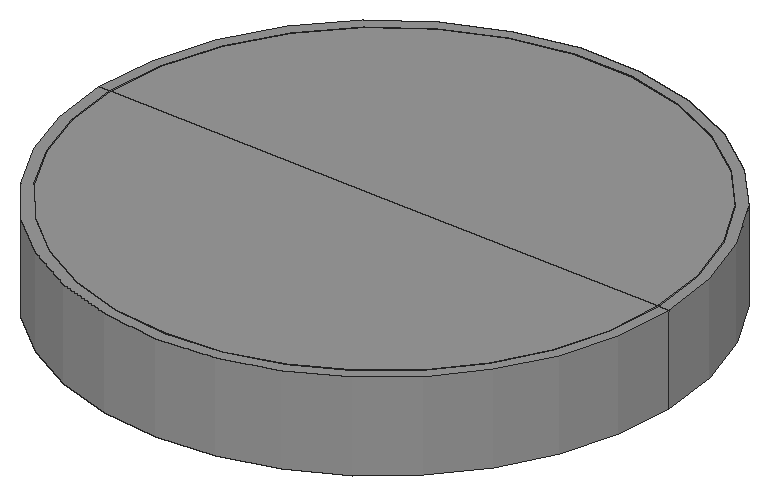
Revit family "4061103", category Lighting Fixtures, host Face, Revit 2016
Family settings
  Host = Face
  Part Type = Normal
  Round Connector Dimension = Use Diameter
  OmniClass Number = 23.80.70.00
  OmniClass Title = Lighting
  Cut with Voids When Loaded = No
  Light Source = Yes
  Shared = No
  Room Calculation Point = No
Parameters (values of type "4061103 COLOSSAL 3550LM 840 EM3 WHT")
  Weight = "kg"
  Wattage Comments = ""
  Wattage = 30 W
  WarrantyStartDate [instance] = "n/a"
  WarrantyGuarantorParts = "n/a"
  WarrantyDurationUnit = "n/a"
  WarrantyDurationParts = "n/a"
  WarrantyDescription = "n/a"
  built-in parameter 1150110 = 1 (stored number, unit not read)
  Voltage = 230 V
  URL = "http://www.sylvania-lighting.com"
  TypeName = "Colossal 3550lm 840 EM3 WHT"
  Type Image = <None>
  Type Comments = "n/a"
  built-in parameter 1114217 = 1 (stored number, unit not read)
  Tilt Angle = -90.00°
  built-in parameter 1150109 = 1 (stored number, unit not read)
  built-in parameter 1150134 = 12
  built-in parameter 1150113 = 1 (stored number, unit not read)
  SerialNumber [instance] = "n/a"
  Photometric Web File = "4061103.ies"
  Material_3_SYL = LED-Sylvania
  PowerFactor = 0
  PowerConsumption = "30 W"
  NominalLength = 400 mm
  NominalHeight = 87 mm
  NominalDepth = 400 mm
  Name = "Colossal 3550lm 840 EM3 WHT"
  ModelReference = Name  # "Colossal 3550lm 840 EM3 WHT"
  ModelNumber = "4061103"
  Model = Name  # "Colossal 3550lm 840 EM3 WHT"
  Material = "n/a"
  ManufacturerName = "Feilo Sylvania"
  Manufacturer = "Feilo Sylvania"
  LuminousEfficacy = "n/a"
  built-in parameter 1150105 = 283.66 (stored number, unit not read)
  Lumens = 3564.63 lm
  LuminaireType = ""
  built-in parameter 1150115 = 1 (stored number, unit not read)
  LightOutputRatio = "n/a"
  built-in parameter 1150137 = (empty or 0)
  built-in parameter 1150139 = (empty or 0)
  LampsType = Lamp  # "LED"
  LampNominalLuminous = "3564 lm"
  LampMacAdamStep = "n/a"
  LampColourTemperature = "4000 K"
  LampColourRenderingIndex = "n/a"
  built-in parameter 1150112 = 1 (stored number, unit not read)
  built-in parameter 1150114 = 1 (stored number, unit not read)
  Lamp = "LED"
  Keynote = "16500"
  InstallationDate [instance] = "n/a"
  InputVoltage = "230-240 V~"
  InputNominalFrequency = "50/60 Hz"
  built-in parameter 1150132 = (empty or 0)
  built-in parameter 1150102 = (empty or 0)
  built-in parameter 1150107 = 4000 (stored number, unit not read)
  built-in parameter 1150138 = (empty or 0)
  IngressProtection = "IP40"
  ImpactProtectionIndex = "IK02"
  built-in parameter 1150106 = 2.8366 (stored number, unit not read)
  IfcExportType = "IfcLightFixtureType"
  IfcExportAs = "IfcLightFixtureType"
  Emit from Circle Diameter = 385 mm
  Emit Shape Visible in Rendering = no
  ElectricShockClassification = "Class I"
  built-in parameter 1150104 = 11.039 (stored number, unit not read)
  DocumentationLiterature = "http://www.sylvania-lighting.com/product/en-int/products/4061103"
  DimmingControlOptions = "Dimmable"
  Material_2_SYL = Polycarbonate_Sylvania_White
  Dimming Lamp Color Temperature Shift = <None>
  Description = "Large 400 mm diameter circular architectural luminaire, can be surface mounted or suspended, aluminium housing with polycarbonate opal diffuser, 3550 lm, 30W, 118 lm/W, 4000K, CRI 80, 50,000 hours, IP40, IK03, Class 1, 220-240V, Energy class A++, Emergency 3 hours"
  Default Elevation = 1219.2 mm
  CreatedOn = "3/7/2019"
  CreatedBy = "@sylvania-lighting.com"
  Cost = 0
  Color Filter = 16777215
  built-in parameter 1114216 [instance] = (empty or 0)
  ClassificationValue = "EF_70_80"
  ClassificationName = "Uniclass2015"
  Material_1_SYL = Polycarbonate_Sylvania_Opal
  BarCode [instance] = "n/a"
  built-in parameter 1114218 = 1 (stored number, unit not read)
  built-in parameter 1150133 = 10 (stored number, unit not read)
  AssetType = "Fixed"
  AssetIdentifier [instance] = "n/a"
  Assembly Code = "D5020200"
  Apparent Load = 30 VA
  Material_4_SYL = none
Reference planes
  plane 1 "Center (Front/Back)": y = 0
  plane 2: z = 0
  plane 3 "Center (Left/Right)": x = 0
  plane 4: x = -200
  plane 5: x = -120
  plane 6: z = 87
  plane 7: z = 25
  plane 8: x = -192.5
  plane 9: z = 40
Forms (mm)
  Revolve 1, solid, material "Polycarbonate_Sylvania_White" <- "Material_2_SYL"
    sketch origin (0, 0, 0) x (1, 0, 0) y (0, 0, 1)
      loop
        line (0, 0) -> (0, 40) -> (-192.5, 40) -> (-192.5, 87) -> (-200, 87) -> (-200, 25) -> (-120, 25) -> (-120, 0) -> (0, 0)
      axis (0, 87) -> (0, 0)
    angle from 360 to 0
  Revolve 2, solid, material "Polycarbonate_Sylvania_Opal" <- "Material_1_SYL"
    sketch origin (0, 0, 0) x (1, 0, 0) y (0, 0, 1)
      loop
        line (0, 87) -> (-192.5, 87) -> (-192.5, 40) -> (0, 40) -> (0, 87)
      axis (0, 87) -> (0, 40)
    angle from 360 to 0
Dimensions and locks
  plane 6 to plane 7 to level = 62 mm locked, 25 mm locked
  plane 3 "Center (Left/Right)" to plane 5 to plane 8 to plane 4 = 120 mm locked, 72.5 mm locked, 7.5 mm locked
  locked: plane 9 to plane 7 at 15
  aligned and locked: plane 2 to host face
  aligned and locked: level to host face
  aligned and locked: Revolve 1 sketch curve to plane 3 "Center (Left/Right)"  (x2)
  aligned and locked: plane 3 "Center (Left/Right)" to Revolve 1 sketch curve
  aligned and locked: level to Revolve 1 sketch curve
  aligned and locked: plane 5 to Revolve 1 sketch curve
  aligned and locked: Revolve 1 sketch curve to plane 7
  aligned and locked: plane 6 to Revolve 1 sketch curve  (x2)
  aligned and locked: plane 8 to Revolve 1 sketch curve
  aligned and locked: Revolve 1 sketch curve to plane 8
  aligned and locked: plane 9 to Revolve 1 sketch curve
  aligned and locked: Revolve 2 sketch curve to plane 3 "Center (Left/Right)"
  aligned and locked: Revolve 2 sketch curve to Revolve 1  (x3)
  aligned and locked: plane 3 "Center (Left/Right)" to Revolve 2 sketch curve
  aligned and locked: plane 3 "Center (Left/Right)" to imposter light
  aligned and locked: imposter light to plane 6
  aligned and locked: imposter light to plane 1 "Center (Front/Back)"
Connectors
  electrical at (0, 0, 0), driven by "Apparent Load", driven by "PowerFactor", driven by "Voltage"
    settings: index 1, voltage 230 V, apparent load 30 VA, apparent load phase1 0 VA, apparent load phase2 0 VA, apparent load phase3 0 VA, power factor 0, load classification "Lighting", number of poles 1, system type 30, power factor state 1, is connector primary yes, connector utility no, sub classification motor no, connector description ""
